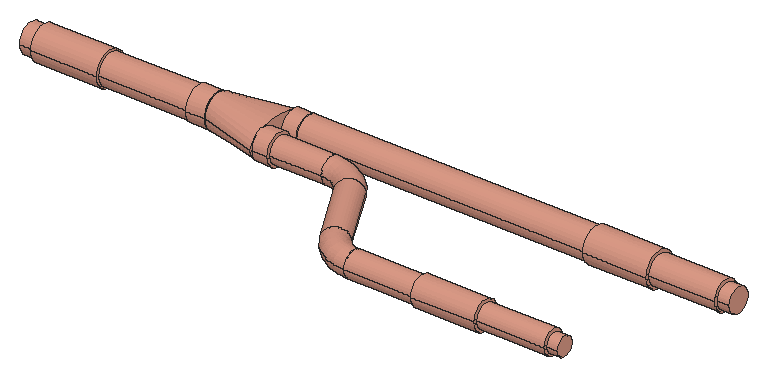
Revit family "outputfile", category 配管付属品, Revit 2024
Family settings
  丸型コネクタ寸法 = 半径を使用
  パーツ タイプ = 標準
  OmniClass 番号 = 23.65.55.00
  OmniClass タイトル = Distribution of Supplied Liquids/Gases
  作業面ベース = いいえ
  常に垂直 = はい
  ロード時にボイドで切り取り = いいえ
  共有 = いいえ
Parameters (values of type "BHRP25A73T")
  Description = ""
  製造元 = "Daikin"
  書き出し IFC クラス(タイプ) = "IfcPipeFittingType"
  定義済み IFC タイプ(タイプ) = "JUNCTION"
  Cost = 0
  Type Comments = ""
  Keynote = ""
  Type Image = (empty or 0)
  Assembly Code = ""
  mm⇔inch [instance] = yes
  l_InletPipe4 = 12.0 mm
  built-in parameter 1114242 [instance] = (empty or 0)
  Default Elevation = 0.0 mm
  モデル = "BHRP25A73T"
  table_StraightPipe [instance] = if(mm⇔inch, "Refnet Joint_BHRP25A-T_Liquid_StraightPipe", "Refnet Joint_BHRP25A-T_Liquid_StraightPipe_inch")  # "Refnet Joint_BHRP25A-T_Liquid_StraightPipe"
  table_BranchPipe [instance] = if(mm⇔inch, "Refnet Joint_BHRP25A-T_Liquid_BranchPipe", "Refnet Joint_BHRP25A-T_Liquid_BranchPipe_inch")  # "Refnet Joint_BHRP25A-T_Liquid_BranchPipe"
  table_Inlet [instance] = if(mm⇔inch, "Refnet Joint_BHRP25A-T_Liquid_Inlet", "Refnet Joint_BHRP25A-T_Liquid_Inlet_inch")  # "Refnet Joint_BHRP25A-T_Liquid_Inlet"
  switch_StraightPipe_Reducer [instance] = if(Is_StraightPipe Reducer = 1, 1 = 1, 1 = 0)  # no
  switch_StraightPipe3 [instance] = if(number_StraightPipe = 3, 1 = 1, 1 = 0)  # yes
  switch_StraightPipe2 [instance] = if(number_StraightPipe < 2, 1 = 0, 1 = 1)  # yes
  switch_BranchPipe_Reducer [instance] = if(Is_BranchPipe Reducer = 1, 1 = 1, 1 = 0)  # no
  switch_BranchPipe3 [instance] = if(number_BranchPipe = 3, 1 = 1, 1 = 0)  # yes
  switch_BranchPipe2 [instance] = if(number_BranchPipe < 2, 1 = 0, 1 = 1)  # yes
  switch_Inlet pipe_Reducer [instance] = if(Is_Inlet Reducer = 1, 1 = 1, 1 = 0)  # no
  switch_Inlet pipe3 [instance] = if(number_InletPipe = 3, 1 = 1, 1 = 0)  # no
  switch_Inlet pipe2 [instance] = if(number_InletPipe < 2, 1 = 0, 1 = 1)  # yes
  Uniclass2015Version = "Products v1.31"
  Uniclass2015Title = "Copper pipe fittings"
  Uniclass2015Code = "Pr_65_52_63_18"
  URL = ""
  StraightPipe_Liquid_ActualDiameter [instance] = 12.7 mm
  Material_Piping = DAIKIN_Copper_Pipe
  Material_Insulation = DAIKIN_White_Insulation
  lw_Insulation [instance] = size_lookup(table_Inlet, "lw_Insulation", 26.0 mm, モデル)  # 63.0 mm
  Unit Type = "BHRP25A-T_Liquid"
  Tag No. [instance] = ""
  StraightPipe_Liquid_Status [instance] = size_lookup(table_StraightPipe, "Information", "The connected pipe size is not available.", モデル, StraightPipe_Liquid_ActualDiameter)  # "Default connector size is used."
  Link_Nested Family [instance] = ""
  Inlet_Liquid_Actual Diameter [instance] = 15.9 mm
  IfcVersion = ""
  IfcExportType = "JUNCTION"
  IfcExportAs = "IfcPipeFittingType"
  BranchPipe_Liquid_Status [instance] = size_lookup(table_BranchPipe, "Information", "The connected pipe size is not available.", モデル, BranchPipe_Liquid_ActualDiameter)  # "Default connector size is used."
  Inlet_Liquid_Status [instance] = size_lookup(table_Inlet, "Information", "The connected pipe size is not available.", モデル, Inlet_Liquid_Actual Diameter)  # "Default connector size is used."
  Series = "Refnet Joint"
  O.R_dividePipe_Inlet [instance] = (I.D_InletPipe1 + 2.0 mm) / 2  # 10.55 mm
  r_StraightPipe_Connector [instance] = StraightPipe_Liquid_ActualDiameter / 2  # 6.35 mm
  r_BranchPipe_Connector [instance] = BranchPipe_Liquid_ActualDiameter / 2  # 4.75 mm
  r_Inlet_Connector [instance] = Inlet_Liquid_Actual Diameter / 2  # 7.95 mm
  number_StraightPipe [instance] = size_lookup(table_StraightPipe, "pipeNumber", 2, モデル, StraightPipe_Liquid_ActualDiameter)  # 3
  number_BranchPipe [instance] = size_lookup(table_BranchPipe, "pipeNumber", 2, モデル, BranchPipe_Liquid_ActualDiameter)  # 3
  number_InletPipe [instance] = size_lookup(table_Inlet, "pipeNumber", 1, モデル, Inlet_Liquid_Actual Diameter)  # 2
  r_BranchPipeR [instance] = size_lookup(table_BranchPipe, "r_offsetPipeR", 18.0 mm, モデル, BranchPipe_Liquid_ActualDiameter)  # 25.0 mm
  l_BranchPipe_Straight2 [instance] = size_lookup(table_BranchPipe, "L_offsetPipe2", 25.5 mm, モデル)  # 43.0 mm
  l_BranchPipe_Straight1 [instance] = size_lookup(table_BranchPipe, "L_offsetPipe1", 5.0 mm, モデル)  # 33.0 mm
  l_BranchPipe connector [instance] = size_lookup(table_BranchPipe, "Length", 150.0 mm, モデル, BranchPipe_Liquid_ActualDiameter)  # 244.0 mm
  l_inlet connector [instance] = size_lookup(table_Inlet, "Length", 70.0 mm, モデル, Inlet_Liquid_Actual Diameter)  # 118.0 mm
  l_dividePipe [instance] = size_lookup(table_Inlet, "L_devidePipe", 30.0 mm, モデル)  # 38.0 mm
  l_StraightPipeReducer [instance] = size_lookup(table_StraightPipe, "L_Reducer", 80.0 mm, モデル, StraightPipe_Liquid_ActualDiameter)  # 80.0 mm
  l_StraightPipe3 [instance] = size_lookup(table_StraightPipe, "L_Pipe3", 2.0 mm, モデル)  # 8.0 mm
  l_StraightPipe2 [instance] = size_lookup(table_StraightPipe, "L_Pipe2", 6.0 mm, モデル)  # 42.0 mm
  l_StraightPipe1 [instance] = size_lookup(table_StraightPipe, "L_Pipe1", 44.0 mm, モデル)  # 40.0 mm
  l_StraightPipe0 [instance] = size_lookup(table_StraightPipe, "L_Pipe0", 130.0 mm, モデル)  # 182.0 mm
  l_StraightPipe connector [instance] = size_lookup(table_StraightPipe, "Length", 190.0 mm, モデル, StraightPipe_Liquid_ActualDiameter)  # 282.0 mm
  l_BranchPipe Reducer [instance] = size_lookup(table_BranchPipe, "L_Reducer", 50.0 mm, モデル, BranchPipe_Liquid_ActualDiameter)  # 50.0 mm
  l_BranchPipe3 [instance] = size_lookup(table_BranchPipe, "L_Pipe3", 2.0 mm, モデル)  # 7.0 mm
  l_BranchPipe2 [instance] = size_lookup(table_BranchPipe, "L_Pipe2", 6.0 mm, モデル)  # 43.0 mm
  l_BranchPipe1 [instance] = size_lookup(table_BranchPipe, "L_Pipe1", 44.0 mm, モデル)  # 40.0 mm
  l_BranchPipe0 [instance] = size_lookup(table_BranchPipe, "L_Pipe0", 90.0 mm, モデル)  # 144.0 mm
  l_InletReducer [instance] = size_lookup(table_Inlet, "L_Reducer", 80.0 mm, モデル, Inlet_Liquid_Actual Diameter)  # 100.0 mm
  l_InletPipe3 [instance] = size_lookup(table_Inlet, "L_Pipe3", 2.0 mm, モデル)  # 2.0 mm
  l_InletPipe2 [instance] = size_lookup(table_Inlet, "L_Pipe2", 2.0 mm, モデル)  # 8.0 mm
  l_InletPipe1 [instance] = size_lookup(table_Inlet, "L_Pipe1", 7.0 mm, モデル)  # 42.0 mm
  l_InletPipe0 [instance] = size_lookup(table_Inlet, "L_Pipe0", 53.0 mm, モデル)  # 56.0 mm
  center_StraightPipe [instance] = size_lookup(table_StraightPipe, "center_Pipe", 6.5 mm, モデル)  # 11.5 mm
  center_BranchPipe2 [instance] = size_lookup(table_BranchPipe, "center_OffsetPipe", 73.5 mm, モデル)  # 78.5 mm
  center_BranchPipe1 [instance] = size_lookup(table_BranchPipe, "center_Pipe", 6.5 mm, モデル)  # 11.5 mm
  StraightPipe_Liquid_AvailableDiameter [instance] = size_lookup(table_StraightPipe, "sizeVariation", "", モデル)  # "12.7/15.9/19.1mm"
  BranchPipe_Liquid_AvailableDiameter [instance] = size_lookup(table_BranchPipe, "sizeVariation", "", モデル)  # "6.4/9.5/12.7/15.9mm"
  Inlet_Liquid_Available Diameter [instance] = size_lookup(table_Inlet, "sizeVariation", "", モデル)  # "15.9/19.1/22.2mm"
  O.D_StraightPipe Reducer [instance] = size_lookup(table_StraightPipe, "O.D_reducer", 2.0 mm, モデル, StraightPipe_Liquid_ActualDiameter)  # 2.0 mm
  O.D_Offset Outlet Reducer [instance] = size_lookup(table_BranchPipe, "O.D_reducer", 2.0 mm, モデル, BranchPipe_Liquid_ActualDiameter)  # 2.0 mm
  O.D_Inlet Reducer [instance] = size_lookup(table_Inlet, "O.D_reducer", 2.0 mm, モデル, Inlet_Liquid_Actual Diameter)  # 2.0 mm
  Is_StraightPipe Reducer [instance] = size_lookup(table_StraightPipe, "IsReducer", 0, モデル, StraightPipe_Liquid_ActualDiameter)  # 0
  Is_BranchPipe Reducer [instance] = size_lookup(table_BranchPipe, "IsReducer", 0, モデル, BranchPipe_Liquid_ActualDiameter)  # 0
  Is_Inlet Reducer [instance] = size_lookup(table_Inlet, "IsReducer", 0, モデル, Inlet_Liquid_Actual Diameter)  # 0
  BranchPipe_Liquid_ActualDiameter [instance] = 9.5 mm
  Attach_Insulation [instance] = no
  I.D_StraightPipe3 [instance] = size_lookup(table_StraightPipe, "I.D_PipeSize3", 2.0 mm, モデル)  # 12.7 mm
  I.D_StraightPipe2 [instance] = size_lookup(table_StraightPipe, "I.D_PipeSize2", 6.4 mm, モデル)  # 15.9 mm
  I.D_StraightPipe1 [instance] = size_lookup(table_StraightPipe, "I.D_PipeSize1", 9.5 mm, モデル)  # 19.1 mm
  I.D_StraightPipe0 [instance] = size_lookup(table_StraightPipe, "I.D_PipeSize0", 7.5 mm, モデル)  # 17.1 mm
  I.D_BranchPipe3 [instance] = size_lookup(table_BranchPipe, "I.D_PipeSize3", 2.0 mm, モデル)  # 9.5 mm
  I.D_BranchPipe2 [instance] = size_lookup(table_BranchPipe, "I.D_PipeSize2", 6.4 mm, モデル)  # 12.7 mm
  I.D_BranchPipe1 [instance] = size_lookup(table_BranchPipe, "I.D_PipeSize1", 9.5 mm, モデル)  # 15.9 mm
  I.D_BranchPipe0 [instance] = size_lookup(table_BranchPipe, "I.D_PipeSize0", 7.5 mm, モデル)  # 13.9 mm
  I.D_Straight Reducer [instance] = size_lookup(table_StraightPipe, "I.D_reducer", 2.0 mm, モデル, StraightPipe_Liquid_ActualDiameter)  # 2.0 mm
  I.D_OutletPipe [instance] = size_lookup(table_Inlet, "I.D_OutletPipeSize", 9.6 mm, モデル, Inlet_Liquid_Actual Diameter)  # 17.0 mm
  I.D_Branch Reducer [instance] = size_lookup(table_BranchPipe, "I.D_reducer", 2.0 mm, モデル, BranchPipe_Liquid_ActualDiameter)  # 2.0 mm
  I.D_Inlet Reducer [instance] = size_lookup(table_Inlet, "I.D_reducer", 2.0 mm, モデル, Inlet_Liquid_Actual Diameter)  # 2.0 mm
  I.D_InletPipe3 [instance] = size_lookup(table_Inlet, "I.D_PipeSize3", 2.0 mm, モデル)  # 2.0 mm
  I.D_InletPipe2 [instance] = size_lookup(table_Inlet, "I.D_PipeSize2", 2.0 mm, モデル)  # 15.9 mm
  I.D_InletPipe1 [instance] = size_lookup(table_Inlet, "I.D_PipeSize1", 9.5 mm, モデル)  # 19.1 mm
  I.D_InletPipe0 [instance] = size_lookup(table_Inlet, "I.D_PipeSize0", 7.5 mm, モデル)  # 17.1 mm
Reference planes
  plane 1 "Center (Front/Back)": y = 0
  plane 2: z = 0
  plane 3 "base_left": x = 0
  plane 4: x = 2
  plane 5: x = 10
  plane 6: x = 52
  plane 7: x = 108
  plane 8: x = 120
  plane 9: x = 158
  plane 10: x = 168
  plane 11 "center_straight outlet": y = 11.5
  plane 12 "center2_offset outlet": y = -78.5
  plane 13 "center1_offset outlet": y = -11.5
  plane 14: x = 350
  plane 15: x = 390
  plane 16: x = 432
  plane 17: x = 312
  plane 18: x = 352
  plane 19: x = 395
  plane 20: x = 440
  plane 21: x = 402
  plane 22 "Reducer_straightoutlet": x = 402
  plane 23: x = 440
  plane 24: y = -22.05
  plane 25: z = 10.55
  plane 26 "Inlet_connector": x = 2
  plane 27 "Left_Insulation": x = 57
Forms (mm)
  SweptBlend 1, solid, material "DAIKIN_Copper_Pipe" <- "Material_Piping"
    path origin (0, 0, 0) x (1, 0, 0) y (0, 1, 0)
      loop
        line (120, 0) -> (158, 0)
    profile origin (120, 0, 0) x (0, 1, 0) y (0, 0, 1)
      loop
        circle (0, 0) r 10.55
    end profile origin (158, 0, 0) x (0, 1, 0) y (0, 0, 1)
      loop
        spline (-22.05, 0) -> (-21.299, -2.731) -> (-19.096, -5.275) -> (-15.592, -7.46) -> (-11.025, -9.137) -> (-5.707, -10.191) -> (0, -10.55) -> (5.707, -10.191) -> (11.025, -9.137) -> (15.592, -7.46) -> (19.096, -5.275) -> (21.299, -2.731) -> (22.05, 0)
        spline (22.05, 0) -> (21.299, 2.731) -> (19.096, 5.275) -> (15.592, 7.46) -> (11.025, 9.137) -> (5.707, 10.191) -> (0, 10.55) -> (-5.707, 10.191) -> (-11.025, 9.137) -> (-15.592, 7.46) -> (-19.096, 5.275) -> (-21.299, 2.731) -> (-22.05, 0)
Dimensions and locks
  "l_InletPipe3": plane 3 "base_left" to plane 4
  "l_InletPipe2": plane 4 to plane 5
  "l_InletPipe1": plane 5 to plane 6
  "l_InletPipe0": plane 6 to plane 7
  "l_InletPipe4": plane 7 to plane 8
  "center_StraightPipe": plane 1 "Center (Front/Back)" to plane 11 "center_straight outlet"
  "center_BranchPipe2": plane 12 "center2_offset outlet" to plane 1 "Center (Front/Back)"
  "center_BranchPipe1": plane 13 "center1_offset outlet" to plane 1 "Center (Front/Back)"
  "l_dividePipe": plane 8 to plane 9
  plane 9 to plane 10 = 10.0 mm
  "l_StraightPipe0": plane 10 to plane 14
  "l_BranchPipe0": plane 10 to plane 17
  "l_BranchPipe1": plane 17 to plane 18
  "l_BranchPipe2": plane 18 to plane 19
  "l_StraightPipe1": plane 14 to plane 15
  "l_StraightPipe2": plane 15 to plane 16
  "l_StraightPipe3": plane 16 to plane 20
  "l_BranchPipe3": plane 19 to plane 21
  "l_BranchPipe connector": plane 9 to plane 22 "Reducer_straightoutlet"
  "l_StraightPipe connector": plane 9 to plane 23
  "O.R_dividePipe_Inlet": plane 24 to plane 13 "center1_offset outlet"
  "O.R_dividePipe_Inlet": plane 25 to plane 2
  "l_inlet connector": plane 26 "Inlet_connector" to plane 8
  "lw_Insulation": plane 27 "Left_Insulation" to plane 8
  "O.R_dividePipe_Inlet": radius of SweptBlend 1 sketch curve
  aligned and locked: level to plane 2
  aligned and locked: plane 2 to nested 1
  aligned and locked: plane 3 "base_left" to nested 1
  aligned and locked: plane 1 "Center (Front/Back)" to nested 1
  aligned and locked: plane 4 to nested 2
  aligned and locked: plane 1 "Center (Front/Back)" to nested 2
  aligned and locked: plane 5 to nested 2
  aligned and locked: plane 5 to nested 3
  aligned and locked: plane 6 to nested 3
  aligned and locked: plane 6 to nested 4
  aligned and locked: nested 4 to plane 7
  aligned and locked: nested 5 to plane 7
  aligned and locked: nested 5 to plane 8
  aligned and locked: plane 8 to SweptBlend 1 sketch curve
  aligned and locked: plane 9 to SweptBlend 1 sketch curve
  aligned and locked: plane 2 to SweptBlend 1 sketch curve  (x2)
  aligned and locked: plane 1 "Center (Front/Back)" to SweptBlend 1 sketch curve  (x2)
  aligned and locked: nested 6 to plane 9
  aligned and locked: nested 7 to plane 9
  aligned and locked: nested 6 to plane 11 "center_straight outlet"
  aligned and locked: nested 7 to plane 13 "center1_offset outlet"
  aligned and locked: nested 7 to plane 10
  aligned and locked: nested 6 to plane 10
  aligned and locked: nested 8 to plane 10
  aligned and locked: plane 14 to nested 8
  aligned and locked: nested 8 to plane 11 "center_straight outlet"
  aligned and locked: plane 14 to nested 9
  aligned and locked: nested 9 to plane 11 "center_straight outlet"
  aligned and locked: plane 15 to nested 9
  aligned and locked: nested 10 to plane 11 "center_straight outlet"
  aligned and locked: plane 15 to nested 10
  aligned and locked: plane 16 to nested 10
  aligned and locked: nested 11 to plane 12 "center2_offset outlet"
  aligned and locked: plane 17 to nested 11
  aligned and locked: plane 18 to nested 11
  aligned and locked: nested 12 to plane 12 "center2_offset outlet"
  aligned and locked: plane 18 to nested 12
  aligned and locked: plane 19 to nested 12
  aligned and locked: nested 13 to plane 10
  aligned and locked: nested 13 to plane 13 "center1_offset outlet"
  aligned and locked: nested 13 to plane 12 "center2_offset outlet"
  aligned and locked: plane 8 to nested 14
  aligned and locked: plane 1 "Center (Front/Back)" to nested 14
  aligned and locked: plane 11 "center_straight outlet" to nested 15
  aligned and locked: nested 15 to plane 9
  aligned and locked: nested 16 to plane 9
  aligned and locked: plane 12 "center2_offset outlet" to nested 16
  aligned and locked: nested 17 to plane 1 "Center (Front/Back)"
  aligned and locked: plane 16 to nested 18
  aligned and locked: plane 20 to nested 18
  aligned and locked: plane 19 to nested 19
  aligned and locked: plane 21 to nested 19
  aligned and locked: nested 20 to plane 12 "center2_offset outlet"
  aligned and locked: plane 23 to nested 21
  aligned and locked: nested 21 to plane 11 "center_straight outlet"
  aligned and locked: plane 4 to nested 1
  aligned and locked: plane 24 to SweptBlend 1 sketch curve
  aligned and locked: plane 25 to SweptBlend 1 sketch curve
  aligned and locked: nested 19 to plane 12 "center2_offset outlet"
  aligned and locked: nested 18 to plane 11 "center_straight outlet"
  aligned and locked: nested 17 to plane 26 "Inlet_connector"
  aligned and locked: plane 22 "Reducer_straightoutlet" to nested 20
  aligned and locked: nested 22 to plane 27 "Left_Insulation"
  aligned and locked: plane 1 "Center (Front/Back)" to nested 22
Automatic sketch dimensions
  plane 1 "Center (Front/Back)" to SweptBlend 1 sketch curve = 0.0 mm
Nested families
  nested 1: "daikin_Pipe" at (1, 0, 0), I.D_Pipe <- "I.D_InletPipe3", display <- "switch_Inlet pipe3", type "*"
    with length_Pipe 2.0 mm, display no, O.D_Pipe 4.0 mm, I.D_Pipe 2.0 mm
  nested 2: "daikin_Pipe" at (6, 0, 0), I.D_Pipe <- "I.D_InletPipe2", display <- "switch_Inlet pipe2", type "*"
    with length_Pipe 8.0 mm, display yes, O.D_Pipe 17.9 mm, I.D_Pipe 15.9 mm
  nested 3: "daikin_Pipe" at (31, 0, 0), I.D_Pipe <- "I.D_InletPipe1", type "*"
    with length_Pipe 42.0 mm, display yes, O.D_Pipe 21.1 mm, I.D_Pipe 19.1 mm
  nested 4: "daikin_Pipe" at (80, 0, 0), I.D_Pipe <- "I.D_InletPipe0", type "*"
    with length_Pipe 56.0 mm, display yes, O.D_Pipe 19.1 mm, I.D_Pipe 17.1 mm
  nested 5: "daikin_Pipe" at (114, 0, 0), I.D_Pipe <- "I.D_InletPipe1", type "*"
    with length_Pipe 12.0 mm, display yes, O.D_Pipe 21.1 mm, I.D_Pipe 19.1 mm
  nested 6: "daikin_Pipe" at (163, 11.5, 0), I.D_Pipe <- "I.D_OutletPipe", type "*"
    with length_Pipe 10.0 mm, display yes, O.D_Pipe 19.0 mm, I.D_Pipe 17.0 mm
  nested 7: "daikin_Pipe" at (163, -11.5, 0), I.D_Pipe <- "I.D_OutletPipe", type "*"
    with length_Pipe 10.0 mm, display yes, O.D_Pipe 19.0 mm, I.D_Pipe 17.0 mm
  nested 8: "daikin_Pipe" at (259, 11.5, 0), I.D_Pipe <- "I.D_StraightPipe0", type "*"
    with length_Pipe 182.0 mm, display yes, O.D_Pipe 19.1 mm, I.D_Pipe 17.1 mm
  nested 9: "daikin_Pipe" at (370, 11.5, 0), I.D_Pipe <- "I.D_StraightPipe1", type "*"
    with length_Pipe 40.0 mm, display yes, O.D_Pipe 21.1 mm, I.D_Pipe 19.1 mm
  nested 10: "daikin_Pipe" at (411, 11.5, 0), I.D_Pipe <- "I.D_StraightPipe2", display <- "switch_StraightPipe2", type "*"
    with length_Pipe 42.0 mm, display yes, O.D_Pipe 17.9 mm, I.D_Pipe 15.9 mm
  nested 11: "daikin_Pipe" at (332, -78.5, 0), I.D_Pipe <- "I.D_BranchPipe1", type "*"
    with length_Pipe 40.0 mm, display yes, O.D_Pipe 17.9 mm, I.D_Pipe 15.9 mm
  nested 12: "daikin_Pipe" at (373.5, -78.5, 0), I.D_Pipe <- "I.D_BranchPipe2", display <- "switch_BranchPipe2", type "*"
    with length_Pipe 43.0 mm, display yes, O.D_Pipe 14.7 mm, I.D_Pipe 12.7 mm
  nested 13: "daikin_Pipe Ofsset" at (168, -11.5, 0), I.D_Pipe size <- "I.D_BranchPipe0", length_straight pipe1 <- "l_BranchPipe_Straight1", length_straight pipe2 <- "l_BranchPipe_Straight2", r_Pipe R <- "r_BranchPipeR", length_Pipe <- "l_BranchPipe0", type "*"
    with r_Pipe R 25.0 mm, length_straight pipe2 43.0 mm, length_straight pipe1 33.0 mm, length_offset center 67.0 mm, length_Pipe 144.0 mm, O.D_Pipe size 15.9 mm, I.D_Pipe size 13.9 mm
  nested 14: "daikin_connector_rotate2" at (120, 0, 0) x (0, -1, 0) z (0, 0, 1), length <- "l_inlet connector", type "daikin_connector_rotate2"
    with radius 5.0 mm, length 118.0 mm, angle_vertical 90.00°, locaton_mark no
  nested 15: "daikin_connector_rotate2" at (158, 11.5, 0) x (0, 1, 0) z (0, 0, 1), length <- "l_StraightPipe connector", type "daikin_connector_rotate2"
    with radius 5.0 mm, length 282.0 mm, angle_vertical 90.00°, locaton_mark no
  nested 16: "daikin_connector_rotate2" at (158, -78.5, 0) x (0, 1, 0) z (0, 0, 1), length <- "l_BranchPipe connector", type "daikin_connector_rotate2"
    with radius 5.0 mm, length 244.0 mm, angle_vertical 90.00°, locaton_mark no
  nested 17: "daikin_Pipe_reducer" at (52, 0, 0) x (-1, 0, 0) z (0, 0, 1), display <- "switch_Inlet pipe_Reducer", length_Pipe <- "l_InletReducer", I.D_Pipe1 <- "I.D_Inlet Reducer", O.D_Pipe2 <- "O.D_Inlet Reducer", type "*"
    with length_Pipe 100.0 mm, display no, O.D_Pipe2 2.0 mm, O.D_Pipe1 4.0 mm, I.D_Pipe2 0.0 mm, I.D_Pipe1 2.0 mm
  nested 18: "daikin_Pipe" at (436, 11.5, 0), I.D_Pipe <- "I.D_StraightPipe3", display <- "switch_StraightPipe3", type "*"
    with length_Pipe 8.0 mm, display yes, O.D_Pipe 14.7 mm, I.D_Pipe 12.7 mm
  nested 19: "daikin_Pipe" at (398.5, -78.5, 0), I.D_Pipe <- "I.D_BranchPipe3", display <- "switch_BranchPipe3", type "*"
    with length_Pipe 7.0 mm, display yes, O.D_Pipe 11.5 mm, I.D_Pipe 9.5 mm
  nested 20: "daikin_Pipe_reducer" at (377, -78.5, 0), I.D_Pipe1 <- "I.D_Branch Reducer", O.D_Pipe2 <- "O.D_Offset Outlet Reducer", length_Pipe <- "l_BranchPipe Reducer", display <- "switch_BranchPipe_Reducer", type "*"
    with length_Pipe 50.0 mm, display no, O.D_Pipe2 2.0 mm, O.D_Pipe1 4.0 mm, I.D_Pipe2 0.0 mm, I.D_Pipe1 2.0 mm
  nested 21: "daikin_Pipe_reducer" at (400, 11.5, 0), I.D_Pipe1 <- "I.D_Straight Reducer", O.D_Pipe2 <- "O.D_StraightPipe Reducer", length_Pipe <- "l_StraightPipeReducer", display <- "switch_StraightPipe_Reducer", type "*"
    with length_Pipe 80.0 mm, display no, O.D_Pipe2 2.0 mm, O.D_Pipe1 4.0 mm, I.D_Pipe2 0.0 mm, I.D_Pipe1 2.0 mm
  nested 22: "daikin_Insulation_RefnetJoint" at (57, 0, 0), I.D_Outlet PipeSize <- "I.D_OutletPipe", type "*"
    with h 49.0 mm, I.D_Outlet PipeSize 17.0 mm, d_Insulation3_3 74.9 mm, d_Insulation2_2 39.8 mm, d_Insulation1_1 26.8 mm, w_Insulation5 238.0 mm, w_Insulation4 55.9 mm, w_Insulation3 42.1 mm, w_Insulation2 71.0 mm, w_Insulation1 28.0 mm, display no, d_Insulation3 68.4 mm, d_Insulation2 39.3 mm, d_Insulation1 26.3 mm
Connectors
  piping at (2, 0, 0), diameter 15.9, driven by "r_Inlet_Connector"
    settings: on nested 14, index 1, connector inside diameter 609.6 mm, connector length 0.0 mm, flow factor 0, pipe flow 0.00 m³/h, pressure drop 0.0 Pa, fitting loss kfactor 0, connector angle 0.00°, fixture units 0, engagement length 0.0 mm, angle of deflection 0.00°, flow configuration 0, flow direction 1, fitting loss method 0, system type 29, joint type 0, gender type 0, connector reference index -1, connector utility 0, adjustable connector no, is connector primary yes, connector description "Refnet Joint_Inlet_Liquid"
  piping at (402, -78.5, 0), diameter 9.5, driven by "r_BranchPipe_Connector"
    settings: on nested 16, index 2, connector inside diameter 609.6 mm, connector length 0.0 mm, flow factor 0, pipe flow 0.00 m³/h, pressure drop 0.0 Pa, fitting loss kfactor 0, connector angle 0.00°, fixture units 0, engagement length 0.0 mm, angle of deflection 0.00°, flow configuration 0, flow direction 2, fitting loss method 0, system type 29, joint type 0, gender type 0, connector reference index -1, connector utility 0, adjustable connector no, is connector primary no, connector description "Refnet Joint_Outlet Branch_Liquid"
  piping at (440, 11.5, 0), diameter 12.7, driven by "r_StraightPipe_Connector"
    settings: on nested 15, index 3, connector inside diameter 609.6 mm, connector length 0.0 mm, flow factor 0, pipe flow 0.00 m³/h, pressure drop 0.0 Pa, fitting loss kfactor 0, connector angle 0.00°, fixture units 0, engagement length 0.0 mm, angle of deflection 0.00°, flow configuration 0, flow direction 2, fitting loss method 0, system type 29, joint type 0, gender type 0, connector reference index -1, connector utility 0, adjustable connector no, is connector primary no, connector description "Refnet Joint_Outlet Straight_Liquid"
Definition of nested family "daikin_Pipe"
  Parameters (values of type "*")
    Default Elevation = 0.0 mm
    material = none
    length_Pipe [instance] = 150.0 mm
    display [instance] = yes
    O.D_Pipe [instance] = I.D_Pipe + 2.0 mm  # 27.0 mm
    I.D_Pipe [instance] = 25.0 mm
  Reference planes
    plane 1 "Center (Front/Back)": y = 0
    plane 2 "center(vertical)": z = 0
    plane 3 "Center (Left/Right)": x = 0
    plane 4 "left": x = -75
    plane 5 "right": x = 75
  Forms (mm)
    Extrusion 1, solid, material <- "material", visible <- "display"
      sketch origin (0, 0, 0) x (0, 1, 0) y (0, 0, 1)
        loop
          circle (0, 0) r 13.5
      from -75 to 75
  Dimensions and locks
    equal spacing: plane 4 "left", plane 3 "Center (Left/Right)", plane 5 "right"
    "length_Pipe": plane 4 "left" to plane 5 "right"
    "O.D_Pipe": diameter of Extrusion 1 sketch curve
    aligned and locked: level to plane 2 "center(vertical)"
    aligned and locked: plane 2 "center(vertical)" to Extrusion 1 sketch curve
    aligned and locked: plane 1 "Center (Front/Back)" to Extrusion 1 sketch curve
    aligned and locked: plane 5 "right" to Extrusion 1
    aligned and locked: Extrusion 1 to plane 4 "left"
Definition of nested family "daikin_Pipe Ofsset"
  Parameters (values of type "*")
    Default Elevation = 0.0 mm
    r_Pipe R [instance] = 18.0 mm
    material = none
    length_straight pipe2 [instance] = 25.5 mm
    length_straight pipe1 [instance] = 5.0 mm
    length_offset center [instance] = 67.5 mm
    length_Pipe [instance] = 90.0 mm
    O.D_Pipe size [instance] = I.D_Pipe size + 2.0 mm  # 12.0 mm
    I.D_Pipe size [instance] = 10.0 mm
  Reference planes
    plane 1 "Center (Front/Back)": y = 0
    plane 2: z = 0
    plane 3 "Center (Left/Right)": x = 0
    plane 4: y = -67.5
    plane 5: x = 90
    plane 6: x = 64.5
    plane 7: x = 5
  Forms (mm)
    Sweep 1, solid, material <- "material"
      path origin (0, 0, 0) x (1, 0, 0) y (0, 1, 0)
        loop
          line (0, 0) -> (5, 0)
          arc (5, 0) -> (14.03, -2.429) -> (20.623, -9.061) r 18
          line (20.623, -9.061) -> (48.877, -58.439)
          arc (48.877, -58.439) -> (55.47, -65.071) -> (64.5, -67.5) r 18
          line (64.5, -67.5) -> (90, -67.5)
      profile origin (2.5, 0, 0) x (0, 1, 0) y (0, 0, 1)
        loop
          circle (0, 0) r 6
  Dimensions and locks
    "length_offset center": plane 4 to plane 1 "Center (Front/Back)"
    "length_straight pipe1": plane 3 "Center (Left/Right)" to plane 7
    "length_Pipe": plane 3 "Center (Left/Right)" to plane 5
    "length_straight pipe2": plane 6 to plane 5
    "O.D_Pipe size": diameter of Sweep 1 sketch curve
    "r_Pipe R": radius of Sweep 1 sketch curve  (x2)
    aligned and locked: level to plane 2
    aligned and locked: plane 1 "Center (Front/Back)" to Sweep 1 sketch curve
    aligned and locked: profile plane to Sweep 1 sketch curve
    aligned and locked: plane 5 to Sweep 1 sketch curve
    aligned and locked: plane 7 to Sweep 1 sketch curve
    aligned and locked: plane 6 to Sweep 1 sketch curve
  Automatic sketch dimensions
    plane 1 "Center (Front/Back)" to Sweep 1 sketch curve = 0.0 mm
    Sweep 1 sketch curve to plane 3 "Center (Left/Right)" = 0.0 mm
    plane 4 to Sweep 1 sketch curve = 0.0 mm
Definition of nested family "daikin_connector_rotate2"
  Parameters (values of type "daikin_connector_rotate2")
    show_face = no
    radius [instance] = 10.0 mm
    locaton_mark = yes
    length [instance] = 600.0 mm
    d_surface = 10.0 mm
    angle_vertical [instance] = 90.00°
    Default Elevation = 0.0 mm
  Reference planes
    plane 1 "Center (Front/Back)": y = 0
    plane 2: z = 0
    plane 3 "Center (Left/Right)": x = 0
  Forms (mm)
    Extrusion 1, solid, visible <- "show_face"
      sketch origin (0, -600, 0) x (1, 0, 0) y (0, 0, 1)
        loop
          circle (0, 0) r 10
      from 0 to -10
  Lines and regions (mm)
    reference lines
      curve 1: line (0, 0, 0) -> (0, -600, 0)
    symbolic lines, visible <- "locaton_mark"
      curve 2: circle (0, 0, 0) r 5 normal (0, 0, 1)
    model lines, visible <- "show_face"
      curve 3: line (0, 0, 0) -> (0, -600, 0)
  Dimensions and locks
    "length": curve 1 to curve 1
    "length": curve 3 to curve 3
    "d_surface": Extrusion 1 to Extrusion 1
    "radius": radius of Extrusion 1 sketch curve
    "angle_vertical": angle curve 1 to plane 1 "Center (Front/Back)"
    "angle_vertical": angle curve 3 to plane 1 "Center (Front/Back)"
    aligned and locked: level to plane 2
    aligned and locked: plane 1 "Center (Front/Back)" to curve 1
    aligned and locked: plane 2 to curve 1
    aligned and locked: plane 1 "Center (Front/Back)" to curve 2
    aligned and locked: plane 3 "Center (Left/Right)" to curve 2
    aligned and locked: plane 1 "Center (Front/Back)" to curve 3
    aligned and locked: plane 2 to curve 3
    aligned and locked: Extrusion 1 to Extrusion 1
  Automatic sketch dimensions
    Extrusion 1 sketch curve to level = 0.0 mm
    Extrusion 1 sketch curve to plane 3 "Center (Left/Right)" = 0.0 mm
    radius of curve 2 = 5.0 mm
Definition of nested family "daikin_Pipe_reducer"
  Parameters (values of type "*")
    Default Elevation = 0.0 mm
    material = none
    length_Pipe [instance] = 250.0 mm
    display [instance] = yes
    O.D_Pipe2 [instance] = 19.1 mm
    O.D_Pipe1 [instance] = I.D_Pipe1 + 2.0 mm  # 24.2 mm
    I.D_Pipe2 [instance] = O.D_Pipe2 - 2.0 mm  # 17.1 mm
    I.D_Pipe1 [instance] = 22.2 mm
  Reference planes
    plane 1 "Center (Front/Back)": y = 0
    plane 2 "center(vertical)": z = 0
    plane 3 "Center (Left/Right)": x = 0
    plane 4 "connection": x = -125
    plane 5 "right": x = 113
    plane 6: x = 125
  Forms (mm)
    Extrusion 1, solid, material <- "material", visible <- "display"
      sketch origin (0, 0, 0) x (0, 1, 0) y (0, 0, 1)
        loop
          circle (0, 0) r 9.55
      from -125 to 113
    Extrusion 2, solid, material <- "material", visible <- "display"
      sketch origin (0, 0, 0) x (0, 1, 0) y (0, 0, 1)
        loop
          circle (0, 0) r 12.1
      from 113 to 125
  Dimensions and locks
    locked: plane 5 "right" to plane 6 at 12
    "length_Pipe": plane 4 "connection" to plane 6
    equal spacing: plane 4 "connection", plane 3 "Center (Left/Right)", plane 6
    "O.D_Pipe2": diameter of Extrusion 1 sketch curve
    "O.D_Pipe1": diameter of Extrusion 2 sketch curve
    aligned and locked: level to plane 2 "center(vertical)"
    aligned and locked: plane 2 "center(vertical)" to Extrusion 1 sketch curve
    aligned and locked: plane 1 "Center (Front/Back)" to Extrusion 1 sketch curve
    aligned and locked: plane 5 "right" to Extrusion 1
    aligned and locked: Extrusion 1 to plane 4 "connection"
    aligned and locked: plane 2 "center(vertical)" to Extrusion 2 sketch curve
    aligned and locked: plane 1 "Center (Front/Back)" to Extrusion 2 sketch curve
    aligned and locked: Extrusion 2 to plane 5 "right"
    aligned and locked: plane 6 to Extrusion 2
Definition of nested family "daikin_Insulation_RefnetJoint"
  Parameters (values of type "*")
    d_Insulation3_3 = size_lookup(table_Insulation, "d_Insulation3_3", 131.5 mm, Model)  # 64.0 mm
    d_Insulation2_2 = size_lookup(table_Insulation, "d_Insulation2_2", 79.0 mm, Model)  # 30.0 mm
    d_Insulation1_1 = size_lookup(table_Insulation, "d_Insulation1_1", 56.0 mm, Model)  # 22.0 mm
    Default Elevation = 0.0 mm
    Model = "BHRP25A22T"
    w_Insulation5 = size_lookup(table_Insulation, "w_Insulation5", 212.0 mm, Model)  # 153.0 mm
    w_Insulation4 = size_lookup(table_Insulation, "w_Insulation4", 67.0 mm, Model)  # 48.6 mm
    w_Insulation3 = size_lookup(table_Insulation, "w_Insulation3", 34.7 mm, Model)  # 31.7 mm
    w_Insulation2 = size_lookup(table_Insulation, "w_Insulation2", 80.0 mm, Model)  # 35.4 mm
    w_Insulation1 = size_lookup(table_Insulation, "w_Insulation1", 22.0 mm, Model)  # 1.0 mm
    table_Insulation = "Refnet Joint_BHRP25A-T_Liquid_Insulation"  # constant formula
    material = none
    h [instance] = (I.D_Outlet PipeSize + 2.0 mm) + 30.0 mm  # 47.0 mm
    display = yes
    d_Insulation3 = size_lookup(table_Insulation, "d_Insulation3", 131.5 mm, Model)  # 63.0 mm
    d_Insulation2 = size_lookup(table_Insulation, "d_Insulation2", 79.0 mm, Model)  # 32.0 mm
    d_Insulation1 = size_lookup(table_Insulation, "d_Insulation1", 56.0 mm, Model)  # 24.0 mm
    I.D_Outlet PipeSize [instance] = 15.0 mm
  Reference planes
    plane 1 "Center (Front/Back)": y = 0
    plane 2: z = 0
    plane 3 "Left": x = 0
    plane 4 "top": z = 23.5
    plane 5 "bottom": z = -23.5
    plane 6: x = 1
    plane 7: x = 35.4
    plane 8: y = 22
    plane 9: y = -24
    plane 10: y = 30
    plane 11: y = -32
    plane 12: y = -97
    plane 13: x = 153
    plane 14: y = -34
    plane 15: x = 67.1
    plane 16: x = 104.4
  Forms (mm)
    Extrusion 1, solid, material <- "material", visible <- "display"
      sketch origin (-21, 0, 0) x (1, 0, 0) y (0, 1, 0)
        loop
          line (22, 22) -> (21, 22) -> (21, -24) -> (22, -24) -> (56.4, -32) -> (88.1, -32) -> (125.4, -97) -> (174, -97) -> (174, -51) -> (164.5, -51)
          arc (164.5, -51) -> (147.5, -34) -> (164.5, -17) r 17
          line (164.5, -17) -> (174, -17) -> (174, 30) -> (56.4, 30) -> (22, 22)
      from -23.5 to 23.5
  Dimensions and locks
    equal spacing: plane 4 "top", plane 2, plane 5 "bottom"
    "h": plane 4 "top" to plane 5 "bottom"
    "w_Insulation1": plane 3 "Left" to plane 6
    "w_Insulation2": plane 3 "Left" to plane 7
    "w_Insulation5": plane 3 "Left" to plane 13
    "w_Insulation3": plane 7 to plane 15
    "w_Insulation4": plane 16 to plane 13
    "d_Insulation1": plane 1 "Center (Front/Back)" to plane 9
    "d_Insulation1_1": plane 8 to plane 1 "Center (Front/Back)"
    "d_Insulation2": plane 1 "Center (Front/Back)" to plane 11
    "d_Insulation2_2": plane 10 to plane 1 "Center (Front/Back)"
    "d_Insulation3_3": plane 10 to plane 14
    "d_Insulation3": plane 14 to plane 12
    Extrusion 1 sketch curve to plane 14 to Extrusion 1 sketch curve = 17.0 mm locked, 17.0 mm locked
    aligned and locked: level to plane 2
    aligned and locked: Extrusion 1 to plane 5 "bottom"
    aligned and locked: plane 4 "top" to Extrusion 1
    aligned and locked: plane 6 to Extrusion 1  (x2)
    aligned and locked: plane 7 to Extrusion 1  (x2)
    aligned and locked: plane 6 to Extrusion 1 sketch curve
    aligned and locked: Extrusion 1 sketch curve to plane 11
    aligned and locked: plane 7 to Extrusion 1 sketch curve  (x2)
    aligned and locked: Extrusion 1 sketch curve to plane 10
    aligned and locked: Extrusion 1 sketch curve to plane 12
    aligned and locked: Extrusion 1 sketch curve to plane 13  (x2)
    aligned and locked: plane 16 to Extrusion 1 sketch curve
    aligned and locked: plane 15 to Extrusion 1 sketch curve
  Automatic sketch dimensions
    Extrusion 1 sketch curve to plane 3 "Left" = 0.0 mm
    Extrusion 1 sketch curve to plane 6 = 0.0 mm
    Extrusion 1 sketch curve to plane 9 = 0.0 mm
    Extrusion 1 sketch curve to plane 8 = 0.0 mm
    Extrusion 1 sketch curve to plane 13 = 9.5 mm
